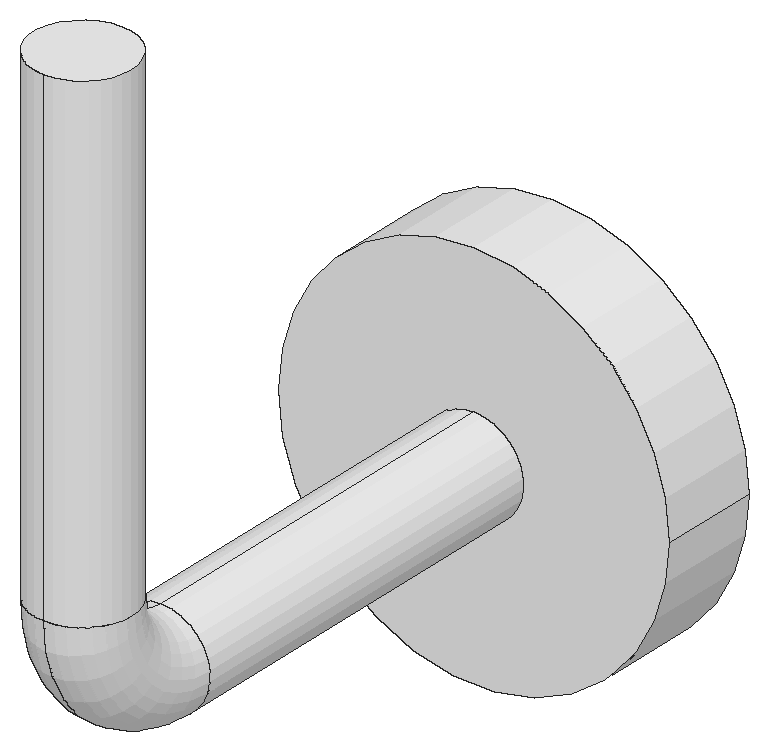
Revit family "cf95328a6cfb4c4995f6184642bd9d9c", category Supports, Revit 2021
Family settings
  Work Plane-Based = No
  Always vertical = Yes
  Cut with Voids When Loaded = No
  Shared = No
Parameters
  T1 = 0' - 0 1/2"
  Support Material = Aluminum
  Radius 1 = 0' - 1"
  Radius 2 = 0' - 0 1/4"
  built-in parameter 1152166 = 0' - 3"
  built-in parameter 1152165 [instance] = 0' - 3"
  Bend Radius = 2 * Radius 2  # 0' - 0 1/2"
Reference planes (in)
  plane 1 "Center (Front/Back)": y = 0
  plane 2: z = 0
  plane 3 "Center (Left/Right)": x = 0
  plane 4: z = -3
  plane 5 "Hand Clearance": y = 3
  plane 6: y = 2.5
  plane 7: y = 0.5
  plane 8: z = -2.5
  plane 9: x = -1
  plane 10: x = 1
  plane 11: x = -0.25
  plane 12: x = 0.25
Forms (in)
  Extrusion 1, solid, material "Aluminum" <- "Support Material"
    sketch origin (0, 0, 0) x (1, 0, 0) y (0, 0, 1)
      loop
        circle (0, -3) r 1
    from -3 to -2.5
  Sweep 2, solid, material "Aluminum" <- "Support Material"
    path origin (0, 0, 0) x (0, 1, 0) y (0, 0, 1)
      loop
        line (2.5, -3) -> (0.5, -3)
        arc (0.5, -3) -> (0.14645, -2.85355) -> (0, -2.5) r 0.5
        line (0, -2.5) -> (0, 0)
    profile origin (0, 1.5, -3) x (0, 0, -1) y (1, 0, 0)
      loop
        circle (0, 0) r 0.25
Lines and regions (in)
  Masking region 1, detail levels fine
    outline origin (0, 0, 0) x (1, 0, 0) y (0, 1, 0)
      loop
        line (-1, 3) -> (-1, 2.5) -> (-0.25, 2.5) -> (-0.25, 0)
        arc (-0.25, 0) -> (0, -0.25) -> (0.25, 0) r 0.25
        line (0.25, 0) -> (0.25, 2.5) -> (1, 2.5) -> (1, 3) -> (-1, 3)
  symbolic lines, detail levels fine
    curve 1: line (-1, 3, 0) -> (1, 3, 0)
    curve 2: line (-1, 2.5, 0) -> (-1, 3, 0)
    curve 3: line (1, 2.5, 0) -> (-1, 2.5, 0)
    curve 4: line (1, 3, 0) -> (1, 2.5, 0)
    curve 5: line (-0.25, 2.5, 0) -> (-0.25, 0, 0)
    curve 6: line (0.25, 2.5, 0) -> (0.25, 0, 0)
    curve 7: arc (-0.25, 0, 0) -> (0, -0.25, 0) -> (0.25, 0, 0) r 0.25
Dimensions and locks (in)
  "built-in parameter 1152166": plane 2 to plane 4
  "built-in parameter 1152165": plane 5 "Hand Clearance" to plane 1 "Center (Front/Back)"
  "T1": plane 5 "Hand Clearance" to plane 6
  "Bend Radius": plane 8 to plane 4
  "Bend Radius": plane 7 to plane 1 "Center (Front/Back)"
  "Radius 1": plane 9 to plane 3 "Center (Left/Right)"
  "Radius 1": plane 3 "Center (Left/Right)" to plane 10
  "Radius 2": plane 11 to plane 3 "Center (Left/Right)"
  "Radius 2": plane 3 "Center (Left/Right)" to plane 12
  "Radius 1": radius of Extrusion 1 sketch curve
  "Bend Radius": radius of Sweep 2 sketch curve
  "Radius 2": radius of Sweep 2 sketch curve
  "Radius 2": radius of curve 7
  "Radius 2": radius of Masking region 1 sketch curve
  aligned and locked: plane 2 to level
  aligned and locked: plane 4 to Extrusion 1 sketch curve
  aligned and locked: plane 3 "Center (Left/Right)" to Extrusion 1 sketch curve
  aligned and locked: Extrusion 1 to plane 5 "Hand Clearance"
  aligned and locked: plane 6 to Extrusion 1
  aligned and locked: Sweep 2 sketch curve to plane 1 "Center (Front/Back)"
  aligned and locked: plane 2 to Sweep 2 sketch curve
  aligned and locked: Sweep 2 sketch curve to plane 4
  aligned and locked: plane 8 to Sweep 2 sketch curve
  aligned and locked: plane 7 to Sweep 2 sketch curve
  aligned and locked: plane 3 "Center (Left/Right)" to Sweep 2 sketch curve
  aligned and locked: plane 4 to Sweep 2 sketch curve
  aligned and locked: plane 5 "Hand Clearance" to curve 1
  aligned and locked: curve 2 to plane 9
  aligned and locked: curve 4 to plane 10
  aligned and locked: plane 6 to curve 5
  aligned and locked: plane 6 to curve 6
  aligned and locked: plane 1 "Center (Front/Back)" to curve 6
  aligned and locked: plane 1 "Center (Front/Back)" to curve 5
  aligned and locked: curve 5 to plane 11
  aligned and locked: curve 6 to plane 12
  aligned and locked: plane 1 "Center (Front/Back)" to curve 7
  aligned and locked: plane 3 "Center (Left/Right)" to curve 7
  aligned and locked: plane 5 "Hand Clearance" to Masking region 1 sketch curve
  aligned and locked: Masking region 1 sketch curve to plane 10
  aligned and locked: Masking region 1 sketch curve to plane 9
  aligned and locked: Masking region 1 sketch curve to plane 6  (x2)
  aligned and locked: Masking region 1 sketch curve to plane 12
  aligned and locked: plane 1 "Center (Front/Back)" to Masking region 1 sketch curve
  aligned and locked: plane 3 "Center (Left/Right)" to Masking region 1 sketch curve
Automatic sketch dimensions
  Sweep 2 sketch curve to plane 6 = 0' - 0"
